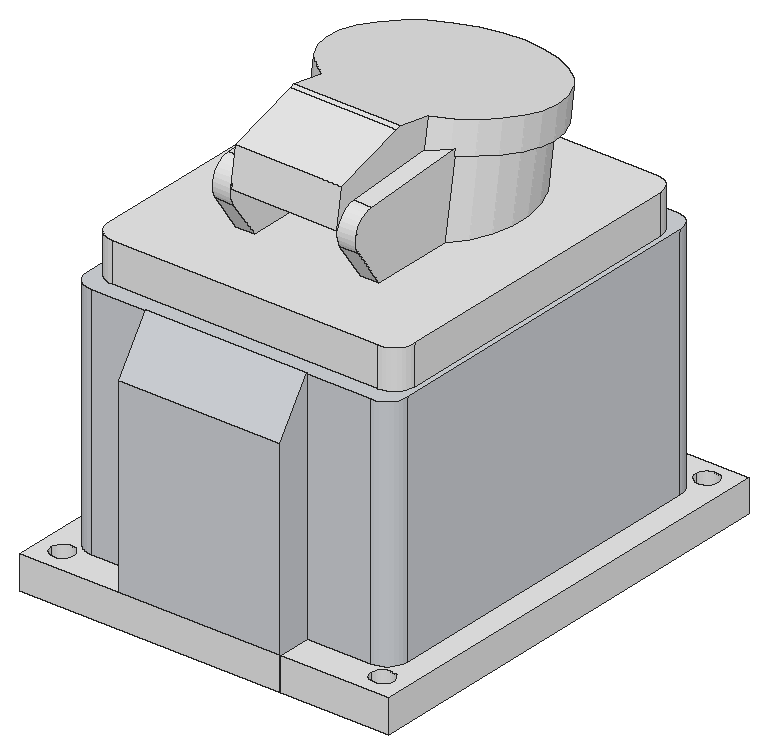
Revit family "Building-IEC309Connections-GEWISS-IEC309BTS-10°_SURF-MOUNT_SOCKET_20-25V_IP44", category Apparecchi elettrici, host Superficie, Revit 2019
Family settings
  Host = Superficie
  Mantenere orientamento annotazione = Sì
  Quota connettore circolare = Usa diametro
  Tipo di parte = Normale
  Taglio con vuoti quando caricato = No
  Condiviso = Sì
  Punto di calcolo locali = Sì
Parameters (values of type "GW62473 - IP44 10°W.RECEPTACLE 2P 32A CC 10H")
  simbolo acceso [instance] = yes
  distanza_simbolo [instance] = 1 mm
  distanza dal piano [instance] = 0 mm
  W = 115 mm  # constant formula
  Version file RFA = "21.11"
  URL = "https://www.gewiss.com/ww/en"
  Typology = "10° angled surface-mounting socket-outlet"
  Type of wiring = "With screw"
  Total number of operations = "-2000"
  Thermo-pressure with ball = "125 °C (active parts) - 80 °C (passive parts)"
  Terminal tightening capacity = "2.5-6mm² flexible cables - 2.5-10mm² rigid cables"
  Technical sheet = "https://www.gewiss.com/ww/en/search?q=GW62473"
  Spostamento_effettivo_S [instance] = 4000 mm - Spostamento_S  # 3045 mm
  Spostamento_S = 955 mm
  Sportello_visibile = yes
  Shock resistance = "IK08"
  SPinotto = Default(2)
  SEO = "Socket outlet"
  Reference h: = "10"
  Realized by GEWISS S.p.A. = ""
  Rated voltage: = "20-25V and 40-50 V"
  Rated current (A) = "32"
  Prospetto di default = 500 mm
  Produttore = "GEWISS S.p.A."
  Piastra = Default(2)
  Permissible overload = "42A"
  Operating temperature: = "-25 +40 °C"
  No. of poles = "2P"
  Model = "GW62473"
  L = 155 mm  # constant formula
  Insulation resistance = "- 10 M?"
  Immagine tipo = (empty or 0)
  IP degree = "IP44"
  IDT = "985099ec4f384df9a4f1881abc1748ff"
  IDF = "e79ba3c3-8da5-485c-af05-0b86c567b159"
  Glow wire test: = "850 °C (active parts) - 650 °C (passive parts)"
  Frequency = "d.c."
  FORMULA = 1000 mm * 1  # 1000 mm
  Electrocod = "2210"
  Description = "IP44 10°W.RECEPTACLE 2P 32A CC 10H"
  Corpo centrale = Default(2)
  Colour: = "White"
  Catalogue = "BUILDING"
  COBie.Tagnumber = ""
  COBie.CreatedOn = ""
  COBie.CreatebBy = ""
  COBie.ComponentRegisterItemID = ""
  COBie.Component.TagNumber = ""
  COBie.Component.Space = ""
  COBie.Component.SerialNumber = ""
  COBie.Component.InstallationDate = ""
  COBie.Component.Description = ""
  COBie.Component.BarCode = ""
  Breaking capacity at 1.1 Un = "40A"
  BLOCCO = "B=C"
Types (18, lengths in mm): name | Total number of operations | Terminal tightening capacity | Technical sheet | Reference h: | Rated voltage: | Rated current (A) | Permissible overload | No. of poles | Model | IDT | Frequency | Description | Colour: | Breaking capacity at 1.1 Un
  GW62456 - IP44 10°W.RECEPTACLE 2P 16A 24V N.R. | "-5000" | "1-2.5mm² flexible cables - 1.5-4mm² rigid cables" | "https://www.gewiss.com/ww/en/search?q=GW62456" | "-" | "20-25 V" | "16" | "22A" | "2P" | "GW62456" | "7d5b684547bb4727a0f3d0db4403fed9" | "50 - 60 Hz" | "IP44 10°W.RECEPTACLE 2P 16A 24V N.R." | "Violet" | "20A"
  GW62457 - IP44 10°W.RECEPTACLE 3P 16A 24V N.R. | "-5000" | "1-2.5mm² flexible cables - 1.5-4mm² rigid cables" | "https://www.gewiss.com/ww/en/search?q=GW62457" | "-" | "20-25 V" | "16" | "22A" | "3P" | "GW62457" | "90e39cc7aded4eb68d03abe1b1d09188" | "50 - 60 Hz" | "IP44 10°W.RECEPTACLE 3P 16A 24V N.R." | "Violet" | "20A"
  GW62458 - IP44 10°W.RECEPTACLE 2P 16A 42V 12H | "-5000" | "1-2.5mm² flexible cables - 1.5-4mm² rigid cables" | "https://www.gewiss.com/ww/en/search?q=GW62458" | "12" | "40-50 V" | "16" | "22A" | "2P" | "GW62458" | "8cccc5702d0c4115af7b15245a22a2b2" | "50 - 60 Hz" | "IP44 10°W.RECEPTACLE 2P 16A 42V 12H" | "White" | "20A"
  GW62459 - IP44 10°W.RECEPTACLE 3P 16A 42V 12H | "-5000" | "1-2.5mm² flexible cables - 1.5-4mm² rigid cables" | "https://www.gewiss.com/ww/en/search?q=GW62459" | "12" | "40-50 V" | "16" | "22A" | "3P" | "GW62459" | "ca0d0b1bb092479180f9ab97bb2fcedb" | "50 - 60 Hz" | "IP44 10°W.RECEPTACLE 3P 16A 42V 12H" | "White" | "20A"
  GW62460 - IP44 10°W.RECEPTACLE 2P 16A 24/42V 4H | "-5000" | "1-2.5mm² flexible cables - 1.5-4mm² rigid cables" | "https://www.gewiss.com/ww/en/search?q=GW62460" | "4" | "20-25V and 40-50 V" | "16" | "22A" | "2P" | "GW62460" | "34971d4872e342d8b9deecafd093ac5d" | "100 - 200 Hz" | "IP44 10°W.RECEPTACLE 2P 16A 24/42V 4H" | "Green" | "20A"
  GW62461 - IP44 10°W.RECEPTACLE 3P 16A 24/42V 4H | "-5000" | "1-2.5mm² flexible cables - 1.5-4mm² rigid cables" | "https://www.gewiss.com/ww/en/search?q=GW62461" | "4" | "20-25V and 40-50 V" | "16" | "22A" | "3P" | "GW62461" | "5e295d5d64e24095b380a3490871b562" | "100 - 200 Hz" | "IP44 10°W.RECEPTACLE 3P 16A 24/42V 4H" | "Green" | "20A"
  GW62462 - IP44 10°W.RECEPTACLE 2P 16A 24/42V 11H | "-5000" | "1-2.5mm² flexible cables - 1.5-4mm² rigid cables" | "https://www.gewiss.com/ww/en/search?q=GW62462" | "11" | "20-25V and 40-50 V" | "16" | "22A" | "2P" | "GW62462" | "2dd16fd37efb461bb407df73c0079121" | "401 - 500 Hz" | "IP44 10°W.RECEPTACLE 2P 16A 24/42V 11H" | "Green" | "20A"
  GW62463 - IP44 10°W.RECEPTACLE 3P 16A 24/42V 11H | "-5000" | "1-2.5mm² flexible cables - 1.5-4mm² rigid cables" | "https://www.gewiss.com/ww/en/search?q=GW62463" | "11" | "20-25V and 40-50 V" | "16" | "22A" | "3P" | "GW62463" | "6d89f80d4bf54053b553a56c70c2c79a" | "401 - 500 Hz" | "IP44 10°W.RECEPTACLE 3P 16A 24/42V 11H" | "Green" | "20A"
  GW62464 - IP44 10°W.RECEPTACLE 2P 16A CC 10H | "-5000" | "1-2.5mm² flexible cables - 1.5-4mm² rigid cables" | "https://www.gewiss.com/ww/en/search?q=GW62464" | "10" | "20-25V and 40-50 V" | "16" | "22A" | "2P" | "GW62464" | "1f9e7aa408e640b09a9436fff713b919" | "d.c." | "IP44 10°W.RECEPTACLE 2P 16A CC 10H" | "White" | "20A"
  GW62465 - IP44 10°W.RECEPTACLE 2P 32A 24V N.R. | "-2000" | "2.5-6mm² flexible cables - 2.5-10mm² rigid cables" | "https://www.gewiss.com/ww/en/search?q=GW62465" | "-" | "20-25 V" | "32" | "42A" | "2P" | "GW62465" | "de5450c8a9c944f1b39d7c1e5af0d4ad" | "50 - 60 Hz" | "IP44 10°W.RECEPTACLE 2P 32A 24V N.R." | "Violet" | "40A"
  GW62466 - IP44 10°W.RECEPTACLE 3P 32A 24V N.R. | "-2000" | "2.5-6mm² flexible cables - 2.5-10mm² rigid cables" | "https://www.gewiss.com/ww/en/search?q=GW62466" | "-" | "20-25 V" | "32" | "42A" | "3P" | "GW62466" | "be90706e0c7346e98c94ad55b190a89e" | "50 - 60 Hz" | "IP44 10°W.RECEPTACLE 3P 32A 24V N.R." | "Violet" | "40A"
  GW62467 - IP44 10°W.RECEPTACLE 2P 32A 42V 12H | "-2000" | "2.5-6mm² flexible cables - 2.5-10mm² rigid cables" | "https://www.gewiss.com/ww/en/search?q=GW62467" | "12" | "40-50 V" | "32" | "42A" | "2P" | "GW62467" | "8f6b7defcd074103b28d388e0e7ca2bf" | "50 - 60 Hz" | "IP44 10°W.RECEPTACLE 2P 32A 42V 12H" | "White" | "40A"
  GW62468 - IP44 10°W.RECEPTACLE 3P 32A 42V 12H | "-2000" | "2.5-6mm² flexible cables - 2.5-10mm² rigid cables" | "https://www.gewiss.com/ww/en/search?q=GW62468" | "12" | "40-50 V" | "32" | "42A" | "3P" | "GW62468" | "8df6787f81b94943b6d91644d91883b0" | "50 - 60 Hz" | "IP44 10°W.RECEPTACLE 3P 32A 42V 12H" | "White" | "40A"
  GW62469 - IP44 10°W.RECEPTACLE 2P 32A 24/42V4H | "-2000" | "2.5-6mm² flexible cables - 2.5-10mm² rigid cables" | "https://www.gewiss.com/ww/en/search?q=GW62469" | "4" | "20-25V and 40-50 V" | "32" | "42A" | "2P" | "GW62469" | "03059986b6b248abb18bcdca87522a76" | "100 - 200 Hz" | "IP44 10°W.RECEPTACLE 2P 32A 24/42V4H" | "Green" | "40A"
  GW62470 - IP44 10°W.RECEPTACLE 3P 32A 24/42V4H | "-2000" | "2.5-6mm² flexible cables - 2.5-10mm² rigid cables" | "https://www.gewiss.com/ww/en/search?q=GW62470" | "4" | "20-25V and 40-50 V" | "32" | "42A" | "3P" | "GW62470" | "e38e93ea567148418ca9a85073c499b1" | "100 - 200 Hz" | "IP44 10°W.RECEPTACLE 3P 32A 24/42V4H" | "Green" | "40A"
  GW62471 - IP44 10°W.RECEPTACLE 2P 32A 24/42V 11H | "-2000" | "2.5-6mm² flexible cables - 2.5-10mm² rigid cables" | "https://www.gewiss.com/ww/en/search?q=GW62471" | "11" | "20-25V and 40-50 V" | "32" | "42A" | "2P" | "GW62471" | "08eaefc1a4694532818f0be07bb15b4a" | "401 - 500 Hz" | "IP44 10°W.RECEPTACLE 2P 32A 24/42V 11H" | "Green" | "40A"
  GW62472 - IP44 10°W.RECEPTACLE 3P 32A 24/42V 11H | "-2000" | "2.5-6mm² flexible cables - 2.5-10mm² rigid cables" | "https://www.gewiss.com/ww/en/search?q=GW62472" | "11" | "20-25V and 40-50 V" | "32" | "42A" | "3P" | "GW62472" | "00f4bd4a7f94404f990660d015841564" | "401 - 500 Hz" | "IP44 10°W.RECEPTACLE 3P 32A 24/42V 11H" | "Green" | "40A"
  GW62473 - IP44 10°W.RECEPTACLE 2P 32A CC 10H | "-2000" | "2.5-6mm² flexible cables - 2.5-10mm² rigid cables" | "https://www.gewiss.com/ww/en/search?q=GW62473" | "10" | "20-25V and 40-50 V" | "32" | "42A" | "2P" | "GW62473" | "985099ec4f384df9a4f1881abc1748ff" | "d.c." | "IP44 10°W.RECEPTACLE 2P 32A CC 10H" | "White" | "40A"
Reference planes
  plane 1 "Centro (Fronte/Retro)": y = 0
  plane 2: z = 0
  plane 3 "Centro (Sinistra/Destra)": x = 0
  plane 4: x = -3000
  plane 5: x = 45
  plane 6: z = 0
Dimensions and locks
  plane 4 to plane 3 "Centro (Sinistra/Destra)" = 3000 mm
  "Spostamento_effettivo_S": plane 4 to plane 5
  "distanza dal piano": plane 6 to plane 2
  aligned and locked: plane 2 to host face
  aligned and locked: level to host face
  aligned and locked: plane 3 "Centro (Sinistra/Destra)" to nested 1
  aligned and locked: plane 1 "Centro (Fronte/Retro)" to nested 1
  aligned and locked: nested 2 to plane 5
Automatic sketch dimensions
  host sketch curve to host sketch curve = 2438.4 mm  (x2)
Nested families
  nested 1: "IEC309 PRESE FISSE INCASSO 10' 125A IP66-67_BASE" at (0, 0, 0), type "IEC309 PRESE FISSE INCASSO 10' 125A IP66-67_BASE"
  nested 2: "GWGW62201FH - SIMBOLO_PRESA" at (45, 171.559, 0), visible <- "simbolo acceso", Distanza dal muro <- "distanza_simbolo", type "3P"
    with SIMBOLO ACCESO yes, Distanza dal muro 1 mm
  nested 3: "dett_PRESA" at (0, 0, 0), type "dett_PRESA"
Connectors
  electrical at (37.5, 30, 0)
    settings: on nested 1, index 1, voltage 0 V, apparent load 0 VA, apparent load phase1 0 VA, apparent load phase2 0 VA, apparent load phase3 0 VA, power factor 1, load classification "Altro", number of poles 1, system type 31, power factor state 1, is connector primary yes, connector utility no, sub classification motor no, connector description ""
Definition of nested family "IEC309 PRESE FISSE INCASSO 10' 125A IP66-67_BASE"
  Parameters (values of type "IEC309 PRESE FISSE INCASSO 10' 125A IP66-67_BASE")
    sp_ghiera = 16 mm
    r2 = 39 mm
    h = 110 mm  # constant formula
    dis_base = 71 mm
    Sportello = yes
    Spinotto = none
    R1 = 42 mm
    PIASTRA = none
    Lunghezza totale = 140 mm
    CENTRALE = none
    Bsae = 90 mm  # constant formula
  Reference planes
    plane 1 "Centro (Fronte/Retro)": y = 0
    plane 2: z = 0
    plane 3 "Centro (Sinistra/Destra)": x = 0
    plane 4: x = 90
    plane 5: y = 110
    plane 6: x = 45
    plane 7: y = 104.875
    plane 8: y = 5.75
    plane 9: x = 5.75
    plane 10: x = 84
    plane 11: z = 8
    plane 12: y = 101.673
    plane 13: y = 8.334
    plane 14: z = 66
    plane 15: x = 7.498
    plane 16: y = 97.488
    plane 17: x = 82.498
    plane 18: y = 12.508
    plane 19: z = 75.463
    plane 20: x = 27.511
    plane 21: x = 32.023
    plane 22: x = 62.489
    plane 23: x = 57.977
  Forms (mm)
    Extrusion 1, solid, material <- "PIASTRA"
      sketch origin (0, 0, 0) x (1, 0, 0) y (0, 1, 0)
        loop
          line (0, 110) -> (0, 0) -> (90, 0) -> (90, 110) -> (0, 110)
      from 0 to 8
    Extrusion 2, void
      sketch origin (0, 0, 0) x (1, 0, 0) y (0, 1, 0)
        loop
          circle (5.75, 104.875) r 2.8
        loop
          circle (84, 104.875) r 2.8
        loop
          circle (5.75, 5.75) r 2.8
        loop
          circle (84, 5.75) r 2.8
      from 0 to 8
    Extrusion 3, solid
      sketch origin (0, 0, 0) x (1, 0, 0) y (0, 1, 0)
        loop
          line (5.75, 96.673) -> (5.75, 13.334)
          arc (5.75, 13.334) -> (7.214, 9.799) -> (10.75, 8.334) r 5
          line (10.75, 8.334) -> (79, 8.334)
          arc (79, 8.334) -> (82.536, 9.799) -> (84, 13.334) r 5
          line (84, 13.334) -> (84, 96.673)
          arc (84, 96.673) -> (82.536, 100.208) -> (79, 101.673) r 5
          line (79, 101.673) -> (10.75, 101.673)
          arc (10.75, 101.673) -> (7.214, 100.208) -> (5.75, 96.673) r 5
      from 8 to 66
    Extrusion 4, solid, material <- "PIASTRA"
      sketch origin (0, 0, 0) x (1, 0, 0) y (0, 1, 0)
        loop
          arc (12.498, 97.488) -> (8.962, 96.024) -> (7.498, 92.488) r 5
          line (7.498, 92.488) -> (7.498, 17.508)
          arc (7.498, 17.508) -> (8.962, 13.972) -> (12.498, 12.508) r 5
          line (12.498, 12.508) -> (77.498, 12.508)
          arc (77.498, 12.508) -> (81.033, 13.972) -> (82.498, 17.508) r 5
          line (82.498, 17.508) -> (82.498, 92.488)
          arc (82.498, 92.488) -> (81.033, 96.024) -> (77.498, 97.488) r 5
          line (77.498, 97.488) -> (12.498, 97.488)
      from 66 to 75.463
    Extrusion 5, solid
      sketch origin (0, 0, 0) x (0, 1, 0) y (0, 0, 1)
        loop
          line (0, 0) -> (8.334, 0) -> (8.334, 66.241) -> (0, 54.405) -> (0, 0)
      from 24.059 to 63.428
    Extrusion 6, solid
      sketch origin (0, 110, 0) x (0, -1, 0) y (0, 0, -1)
        loop
          line (0, 0) -> (0, -54.405) -> (8.334, -66.241) -> (8.334, 0) -> (0, 0)
      from 24.059 to 63.428
    Sweep 7, solid, material <- "PIASTRA"
      path origin (0, 0, 0) x (0, 1, 0) y (0, 0, 1)
        loop
          line (73.263, 97.736) -> (71.948, 90.281)
      profile origin (0, 72.606, 94.008) x (0, 0.984808, -0.173648) y (1, 0, 0)
        loop
          circle (0, 45) r 25
    Extrusion 8, solid, material <- "PIASTRA"
      sketch origin (0, 0, 0) x (0, 1, 0) y (0, 0, 1)
        loop
          line (25.806, 97.501) -> (24.369, 88.419)
          arc (24.369, 88.419) -> (26.054, 91.556) -> (29.326, 92.962) r 5.4
          line (29.326, 92.962) -> (51.956, 94.556) -> (53.142, 101.284) -> (43.676, 102.953)
          arc (43.676, 102.953) -> (43.104, 102.789) -> (42.534, 102.618) r 55
          line (42.534, 102.618) -> (25.806, 97.501)
      from 32.023 to 57.977
    Extrusion 9, solid, material <- "PIASTRA"
      sketch origin (0, 0, 0) x (0, 1, 0) y (0, 0, 1)
        loop
          line (55.25, 94.789) -> (29.326, 92.962)
          arc (29.326, 92.962) -> (24.829, 89.9) -> (25.28, 84.478) r 5.4
          line (25.28, 84.478) -> (31.592, 75.463) -> (51.843, 75.463) -> (55.25, 94.789)
      from 27.511 to 32.023
    Sweep 10, solid, material <- "PIASTRA"
      path origin (0, -2.627, 0.463) x (0, 1, 0) y (0, 0, 1)
        loop
          line (72.741, 90.141) -> (68.824, 67.926)
      profile origin (0, 68.156, 79.497) x (0, 0.984808, -0.173648) y (1, 0, 0)
        loop
          circle (0, 45) r 23.5
    Extrusion 11, solid, material <- "PIASTRA"
      sketch origin (90, 0, 0) x (0, 1, 0) y (0, 0, -1)
        loop
          line (55.25, -94.789) -> (51.843, -75.463) -> (31.592, -75.463) -> (25.28, -84.478)
          arc (25.28, -84.478) -> (24.829, -89.9) -> (29.326, -92.962) r 5.4
          line (29.326, -92.962) -> (55.25, -94.789)
      from 27.511 to 32.023
  Cuts and joins
    Extrusion 2 cuts Extrusion 1
    joined: Extrusion 4, Sweep 7, Extrusion 8, Extrusion 9, Sweep 10, Extrusion 11
  Dimensions and locks
    plane 3 "Centro (Sinistra/Destra)" to plane 4 = 90 mm
    plane 1 "Centro (Fronte/Retro)" to plane 5 = 110 mm
    equal spacing: plane 3 "Centro (Sinistra/Destra)", plane 6, plane 4
    locked: plane 3 "Centro (Sinistra/Destra)" to plane 9 at 5.75
    locked: plane 10 to plane 4 at 6
    locked: plane 1 "Centro (Fronte/Retro)" to plane 8 at 5.75
    locked: plane 5 to plane 7 at 5.125
    locked: plane 11 to level at 8
    "Bsae": plane 3 "Centro (Sinistra/Destra)" to plane 4
    "h": plane 1 "Centro (Fronte/Retro)" to plane 5
    locked: plane 12 to plane 7 at 3.202
    locked: plane 8 to plane 13 at 2.584
    locked: plane 14 to plane 11 at 58
    diameter of cut or joined group of Extrusion 1, Extrusion 2 = 5.6 mm
    radius of Extrusion 3 sketch curve = 5 mm  (x3)
    radius of Extrusion 4 sketch curve = 5 mm  (x3)
    radius of Sweep 10 sketch curve = 23.5 mm
    aligned and locked: level to plane 2
    aligned and locked: Extrusion 1 sketch curve to plane 3 "Centro (Sinistra/Destra)"
    aligned and locked: Extrusion 1 sketch curve to plane 5
    aligned and locked: Extrusion 1 sketch curve to plane 4
    aligned and locked: Extrusion 1 sketch curve to plane 1 "Centro (Fronte/Retro)"
    aligned and locked: plane 11 to Extrusion 1
    aligned and locked: plane 9 to Extrusion 2 sketch curve  (x2)
    aligned and locked: plane 7 to Extrusion 2 sketch curve  (x2)
    aligned and locked: plane 10 to Extrusion 2 sketch curve  (x2)
    aligned and locked: plane 8 to Extrusion 2 sketch curve  (x2)
    aligned and locked: cut or joined group of Extrusion 1, Extrusion 2 to level
    aligned and locked: Extrusion 1 to Extrusion 2
    aligned and locked: Extrusion 3 sketch curve to plane 9
    aligned and locked: Extrusion 3 sketch curve to plane 10
    aligned and locked: Extrusion 3 sketch curve to plane 13
    aligned and locked: plane 12 to Extrusion 3 sketch curve
    aligned and locked: plane 14 to Extrusion 3
    aligned and locked: Extrusion 3 to plane 11
    aligned and locked: Extrusion 4 sketch curve to plane 16
    aligned and locked: Extrusion 4 sketch curve to plane 15
    aligned and locked: Extrusion 4 sketch curve to plane 17
    aligned and locked: Extrusion 4 sketch curve to plane 18
    aligned and locked: Extrusion 4 to plane 14
    aligned and locked: Extrusion 5 sketch curve to plane 1 "Centro (Fronte/Retro)"
    aligned and locked: Extrusion 5 sketch curve to plane 13
    aligned and locked: Extrusion 4 to plane 19
    aligned and locked: plane 6 to Sweep 7 sketch curve
    aligned and locked: Extrusion 9 sketch curve to plane 19
    aligned and locked: Extrusion 9 to plane 20
    aligned and locked: plane 21 to Extrusion 9
    aligned and locked: plane 6 to Sweep 10 sketch curve
    aligned and locked: cut or joined group of Extrusion 4, Sweep 7, Extrusion 8, Extrusion 9, Sweep 10, Extrusion 11 to plane 23
    aligned and locked: Extrusion 11 to plane 23
    aligned and locked: Extrusion 11 to plane 22
  Automatic sketch dimensions
    plane 15 to Extrusion 3 sketch curve = 3.252 mm
    plane 15 to Extrusion 4 sketch curve = 5 mm
    Extrusion 5 sketch curve to level = 0 mm
    Extrusion 5 sketch curve to plane 14 = 11.595 mm
    plane 14 to Extrusion 5 sketch curve = 0.241 mm
    Extrusion 6 sketch curve to plane 5 = 0 mm
    Extrusion 6 sketch curve to level = 0 mm
    Extrusion 6 sketch curve to plane 12 = 0.007 mm
    plane 14 to Extrusion 6 sketch curve = 11.595 mm
    Extrusion 6 sketch curve to plane 14 = 0.241 mm
    Sweep 7 sketch curve to plane 16 = 25.54 mm
    Sweep 7 sketch curve to plane 19 = 14.817 mm
    Sweep 7 sketch curve to Sweep 7 sketch curve = 1.315 mm
    Sweep 7 sketch curve to Sweep 7 sketch curve = 7.456 mm
    Sweep 7 sketch curve to profile plane = 0 mm
    Extrusion 8 sketch curve to plane 18 = 13.298 mm
    Extrusion 8 sketch curve to Extrusion 8 sketch curve = 3.521 mm
    Extrusion 8 sketch curve to Extrusion 8 sketch curve = 0.377 mm
    Extrusion 8 sketch curve to Extrusion 8 sketch curve = 14.349 mm
    Extrusion 8 sketch curve to plane 19 = 19.093 mm
    Extrusion 8 sketch curve to Extrusion 8 sketch curve = 8.28 mm
    Extrusion 8 sketch curve to Extrusion 8 sketch curve = 1.186 mm
    Extrusion 8 sketch curve to plane 14 = 15.977 mm
    Extrusion 8 sketch curve to plane 16 = 38.866 mm
    Extrusion 8 sketch curve to plane 19 = 12.112 mm
    Extrusion 8 sketch curve to Extrusion 8 sketch curve = 5.387 mm
    Extrusion 8 sketch curve to Extrusion 8 sketch curve = 4.539 mm
    Extrusion 8 sketch curve to Extrusion 8 sketch curve = 6.728 mm
    Extrusion 8 sketch curve to Extrusion 8 sketch curve = 1.669 mm
    Extrusion 8 sketch curve to Extrusion 8 sketch curve = 5.334 mm
    Extrusion 8 sketch curve to Extrusion 8 sketch curve = 0 mm  (x4)
    Extrusion 8 sketch curve to Extrusion 8 sketch curve = 1.142 mm
    Extrusion 9 sketch curve to plane 18 = 12.772 mm
    Extrusion 9 sketch curve to Extrusion 9 sketch curve = 4.047 mm
    Extrusion 9 sketch curve to Extrusion 9 sketch curve = 0.377 mm
    Extrusion 9 sketch curve to Extrusion 9 sketch curve = 6.312 mm
    Extrusion 9 sketch curve to Extrusion 9 sketch curve = 20.251 mm
    Extrusion 9 sketch curve to Extrusion 9 sketch curve = 25.924 mm
    Extrusion 9 sketch curve to plane 19 = 9.015 mm
    Extrusion 9 sketch curve to Extrusion 9 sketch curve = 3.097 mm
    Extrusion 9 sketch curve to Extrusion 9 sketch curve = 1.826 mm
    plane 14 to Sweep 10 sketch curve = 2.39 mm
    Sweep 10 sketch curve to plane 16 = 31.291 mm
    Sweep 10 sketch curve to Sweep 10 sketch curve = 3.917 mm
    Sweep 10 sketch curve to plane 19 = 15.141 mm
    Sweep 10 sketch curve to profile plane = 0 mm
    plane 19 to Extrusion 11 sketch curve = 0 mm
    Extrusion 11 sketch curve to plane 18 = 12.772 mm
    Extrusion 11 sketch curve to Extrusion 11 sketch curve = 4.047 mm
    Extrusion 11 sketch curve to Extrusion 11 sketch curve = 4.423 mm
    Extrusion 11 sketch curve to Extrusion 11 sketch curve = 6.312 mm
    Extrusion 11 sketch curve to Extrusion 11 sketch curve = 20.251 mm
    Extrusion 11 sketch curve to Extrusion 11 sketch curve = 25.924 mm
    Extrusion 11 sketch curve to plane 19 = 9.015 mm
    Extrusion 11 sketch curve to Extrusion 11 sketch curve = 3.097 mm
    Extrusion 11 sketch curve to Extrusion 11 sketch curve = 1.826 mm
    radius of Extrusion 2 sketch curve = 2.8 mm  (x4)
    radius of Sweep 7 sketch curve = 25 mm
Definition of nested family "GWGW62201FH - SIMBOLO_PRESA"
  Parameters (values of type "3P")
    SIMBOLO ACCESO [instance] = yes
    Distanza dal muro [instance] = 0 mm
  Reference planes
    plane 1: y = 0
    plane 2: x = 0
  Dimensions and locks
    "Distanza dal muro": plane 1 to nested 1
    aligned and locked: plane 2 to nested 1
  Nested families
    nested 1: "GWGW62201FH - SIMBOLO" at (0, 0, 0), visible <- "SIMBOLO ACCESO", type "3P"
  Definition of nested family "GWGW62201FH - SIMBOLO"
    Parameters (values of type "3P")
      CORNICE SIMBOLO [instance] = yes
      3P = yes
    Reference planes
      plane 1: y = 0
      plane 2: x = 0
    Lines and regions (mm)
      detail lines
        curve 1: circle (-0.314, 0.674, 0) r 0.057 normal (0, 0, 1)
        curve 2: arc (0.346, -0.009, 0) -> (0, 0.337, 0) -> (-0.346, -0.009, 0) r 0.346
        curve 3: line (0, 0.337, 0) -> (0.346, 0.337, 0)
        curve 4: line (0, 3.386, 0) -> (0, 0.337, 0)
        curve 5: line (0, 0.337, 0) -> (-0.314, 0.674, 0)
Definition of nested family "dett_PRESA"
  Reference planes
    plane 1 "Centro (Fronte/Retro)": y = 0
    plane 2: z = 0
    plane 3 "Centro (Sinistra/Destra)": x = 0
  Lines and regions (mm)
    model lines, in view "Livello rif."
      curve 1: arc (61.498, 61.665, 0) -> (44.998, 67.722, 0) -> (28.498, 61.665, 0) r 25.502
      curve 2: spline (28.472, 62.844, 0) -> (27.012, 61.491, 0) -> (25.665, 60.027, 0) -> (24.441, 58.464, 0) -> (23.348, 56.809, 0) -> (22.391, 55.074, 0) -> (21.577, 53.269, 0) -> (20.912, 51.407, 0) -> (20.399, 49.498, 0) -> (20.042, 47.555, 0) -> (19.843, 45.59, 0) -> (19.803, 43.616, 0) -> (19.922, 41.645, 0)
      curve 3: spline (70.073, 41.643, 0) -> (70.193, 43.614, 0) -> (70.153, 45.589, 0) -> (69.954, 47.554, 0) -> (69.596, 49.497, 0) -> (69.084, 51.405, 0) -> (68.418, 53.268, 0) -> (67.605, 55.073, 0) -> (66.648, 56.808, 0) -> (65.554, 58.463, 0) -> (64.33, 60.027, 0) -> (62.984, 61.49, 0) -> (61.524, 62.844, 0)
      curve 4: spline (29.494, 84.757, 0) -> (29.364, 84.748, 0) -> (29.236, 84.722, 0) -> (29.112, 84.679, 0) -> (28.995, 84.62, 0) -> (28.887, 84.546, 0) -> (28.789, 84.458, 0) -> (28.703, 84.357, 0) -> (28.631, 84.246, 0) -> (28.573, 84.126, 0) -> (28.531, 83.999, 0) -> (28.506, 83.868, 0) -> (28.498, 83.735, 0)
      curve 5: line (28.876, 69.625, 0) -> (28.587, 69.709, 0)
      curve 6: line (28.979, 69.618, 0) -> (28.587, 69.709, 0)
      curve 7: line (61.018, 69.624, 0) -> (28.979, 69.618, 0)
      curve 8: line (61.121, 69.63, 0) -> (61.409, 69.714, 0)
      curve 9: line (61.018, 69.624, 0) -> (61.409, 69.714, 0)
      curve 10: spline (61.498, 83.735, 0) -> (61.489, 83.868, 0) -> (61.464, 84, 0) -> (61.422, 84.126, 0) -> (61.364, 84.246, 0) -> (61.292, 84.357, 0) -> (61.206, 84.458, 0) -> (61.108, 84.546, 0) -> (60.999, 84.62, 0) -> (60.882, 84.679, 0) -> (60.759, 84.722, 0) -> (60.631, 84.748, 0) -> (60.501, 84.757, 0)
      curve 11: spline (64.653, 42.492, 0) -> (63.983, 47.502, 0) -> (62.019, 52.17, 0) -> (58.896, 56.179, 0) -> (54.825, 59.255, 0) -> (50.085, 61.189, 0) -> (44.998, 61.849, 0) -> (39.91, 61.189, 0) -> (35.17, 59.255, 0) -> (31.099, 56.179, 0) -> (27.976, 52.17, 0) -> (26.012, 47.502, 0) -> (25.342, 42.492, 0) -> (26.012, 37.482, 0) -> (27.976, 32.814, 0) -> (31.099, 28.805, 0) -> (35.17, 25.729, 0) -> (39.91, 23.795, 0) -> (44.998, 23.136, 0) -> (50.085, 23.795, 0) -> (54.825, 25.729, 0) -> (58.896, 28.805, 0) -> (62.019, 32.814, 0) -> (63.983, 37.482, 0) -> (64.653, 42.492, 0)
      curve 12: arc (20.049, 40.392, 0) -> (21.05, 35.597, 0) -> (22.987, 31.099, 0) r 24.445
      curve 13: arc (22.986, 31.098, 0) -> (25.45, 27.464, 0) -> (28.516, 24.321, 0) r 24.781
      curve 14: arc (28.639, 24.166, 0) -> (28.807, 23.841, 0) -> (28.981, 23.52, 0) r 16.754
      curve 15: line (61.015, 23.522, 0) -> (28.981, 23.52, 0)
      curve 16: arc (61.015, 23.522, 0) -> (61.191, 23.845, 0) -> (61.359, 24.172, 0) r 16.754
      curve 17: arc (61.476, 24.318, 0) -> (61.411, 24.251, 0) -> (61.359, 24.172, 0) r 0.504
      curve 18: spline (61.476, 24.318, 0) -> (62.628, 25.372, 0) -> (63.712, 26.495, 0) -> (64.721, 27.682, 0) -> (65.653, 28.929, 0) -> (66.505, 30.232, 0) -> (67.271, 31.584, 0) -> (67.95, 32.981, 0) -> (68.539, 34.418, 0) -> (69.035, 35.887, 0) -> (69.437, 37.385, 0) -> (69.743, 38.904, 0) -> (69.951, 40.44, 0)
      curve 19: arc (28.17, 65.632, 0) -> (28.412, 65.967, 0) -> (28.498, 66.372, 0) r 0.999
      curve 20: spline (28.17, 65.632, 0) -> (26.951, 64.427, 0) -> (25.816, 63.141, 0) -> (24.77, 61.779, 0) -> (23.817, 60.348, 0) -> (22.963, 58.854, 0) -> (22.21, 57.304, 0) -> (21.564, 55.706, 0) -> (21.025, 54.067, 0) -> (20.598, 52.394, 0) -> (20.284, 50.695, 0) -> (20.085, 48.978, 0) -> (20.001, 47.252, 0)
      curve 21: spline (69.995, 47.252, 0) -> (69.91, 48.98, 0) -> (69.71, 50.698, 0) -> (69.396, 52.398, 0) -> (68.968, 54.072, 0) -> (68.429, 55.713, 0) -> (67.781, 57.312, 0) -> (67.028, 58.862, 0) -> (66.172, 60.357, 0) -> (65.218, 61.789, 0) -> (64.171, 63.152, 0) -> (63.034, 64.438, 0) -> (61.813, 65.643, 0)
      curve 22: arc (61.498, 66.372, 0) -> (61.58, 65.975, 0) -> (61.813, 65.643, 0) r 0.999
      curve 23: line (61.498, 61.665, 0) -> (61.498, 68.351, 0)
      curve 24: line (61.498, 68.351, 0) -> (61.498, 80.428, 0)
      curve 25: line (61.498, 80.276, 0) -> (61.498, 80.569, 0)
      curve 26: line (61.498, 80.569, 0) -> (61.498, 80.795, 0)
      curve 27: line (28.498, 83.735, 0) -> (28.498, 68.351, 0)
      curve 28: line (28.498, 68.351, 0) -> (28.498, 61.665, 0)
      curve 29: line (29.494, 84.757, 0) -> (32.148, 84.757, 0)
      curve 30: line (32.148, 84.757, 0) -> (32.657, 84.757, 0)
      curve 31: line (32.657, 84.757, 0) -> (57.339, 84.757, 0)
      curve 32: line (57.339, 84.757, 0) -> (57.848, 84.757, 0)
      curve 33: line (57.848, 84.757, 0) -> (60.501, 84.757, 0)
      curve 34: line (61.498, 82.213, 0) -> (61.498, 82.398, 0)
      curve 35: line (61.498, 82.398, 0) -> (61.498, 82.213, 0)
      curve 36: line (61.498, 82.213, 0) -> (61.498, 81.899, 0)
      curve 37: line (61.498, 81.899, 0) -> (61.498, 81.627, 0)
      curve 38: line (61.498, 81.476, 0) -> (61.498, 81.192, 0)
      curve 39: line (61.498, 81.192, 0) -> (61.498, 80.975, 0)
      curve 40: line (61.498, 80.975, 0) -> (61.498, 80.697, 0)
      curve 41: line (61.498, 80.657, 0) -> (61.498, 83.228, 0)
      curve 42: line (61.498, 83.228, 0) -> (61.498, 83.735, 0)
      curve 43: line (20.049, 40.392, 0) -> (19.922, 41.645, 0)
      curve 44: line (61.498, 81.281, 0) -> (61.498, 81.108, 0)
      curve 45: arc (74.574, 12.532, 0) -> (80.179, 14.903, 0) -> (82.494, 20.531, 0) r 8
      curve 46: arc (7.494, 20.531, 0) -> (9.81, 14.902, 0) -> (15.416, 12.532, 0) r 8
      curve 47: circle (74.998, 85.179, 0) r 2.09 normal (0, 0, 1)
      curve 48: circle (14.998, 85.179, 0) r 2.072 normal (0, 0, 1)
      curve 49: circle (14.998, 25.171, 0) r 2.068 normal (0, 0, 1)
      curve 50: circle (74.997, 25.171, 0) r 2.075 normal (0, 0, 1)
      curve 51: line (59.998, 32.071, 0) -> (59.498, 31.571, 0)
      curve 52: spline (30.498, 31.571, 0) -> (32.868, 31.466, 0) -> (35.264, 31.379, 0) -> (37.679, 31.312, 0) -> (40.11, 31.264, 0) -> (42.551, 31.235, 0) -> (44.998, 31.225, 0) -> (47.444, 31.235, 0) -> (49.885, 31.264, 0) -> (52.316, 31.312, 0) -> (54.731, 31.379, 0) -> (57.127, 31.466, 0) -> (59.498, 31.571, 0)
      curve 53: line (30.498, 31.571, 0) -> (29.998, 32.071, 0)
      curve 54: spline (59.498, 31.582, 0) -> (59.563, 31.589, 0) -> (59.627, 31.603, 0) -> (59.689, 31.626, 0) -> (59.748, 31.656, 0) -> (59.802, 31.693, 0) -> (59.851, 31.736, 0) -> (59.894, 31.785, 0) -> (59.931, 31.838, 0) -> (59.96, 31.895, 0) -> (59.981, 31.955, 0) -> (59.993, 32.017, 0) -> (59.998, 32.08, 0)
      curve 55: spline (29.998, 32.08, 0) -> (30.002, 32.017, 0) -> (30.015, 31.955, 0) -> (30.036, 31.895, 0) -> (30.065, 31.838, 0) -> (30.101, 31.785, 0) -> (30.144, 31.736, 0) -> (30.193, 31.693, 0) -> (30.248, 31.656, 0) -> (30.306, 31.626, 0) -> (30.368, 31.603, 0) -> (30.432, 31.589, 0) -> (30.498, 31.582, 0)
      curve 56: line (29.998, 52.752, 0) -> (30.493, 53.235, 0)
      curve 57: spline (30.493, 53.235, 0) -> (32.864, 53.13, 0) -> (35.26, 53.044, 0) -> (37.677, 52.976, 0) -> (40.109, 52.928, 0) -> (42.551, 52.899, 0) -> (44.998, 52.889, 0) -> (47.445, 52.899, 0) -> (49.886, 52.928, 0) -> (52.318, 52.976, 0) -> (54.735, 53.044, 0) -> (57.131, 53.13, 0) -> (59.502, 53.235, 0)
      curve 58: line (59.502, 53.235, 0) -> (59.998, 52.752, 0)
      curve 59: arc (15.498, 97.488, 0) -> (9.841, 95.145, 0) -> (7.498, 89.488, 0) r 8
      curve 60: line (66.439, 8.334, 0) -> (66.439, 0, 0)
      curve 61: line (34.35, 6.789, 0) -> (34.35, 1.545, 0)
      curve 62: line (34.35, 1.545, 0) -> (55.638, 1.545, 0)
      curve 63: line (55.638, 1.545, 0) -> (55.638, 6.789, 0)
      curve 64: line (55.638, 6.789, 0) -> (34.35, 6.789, 0)
      curve 65: line (23.549, 0, 0) -> (23.549, 8.334, 0)
      curve 66: line (8.433, 5.861, 0) -> (8.228, 6.995, 0)
      curve 67: line (8.228, 6.995, 0) -> (7.611, 7.923, 0)
      curve 68: line (7.611, 7.923, 0) -> (6.683, 8.54, 0)
      curve 69: line (6.683, 8.54, 0) -> (5.549, 8.745, 0)
      curve 70: line (5.549, 8.745, 0) -> (4.521, 8.54, 0)
      curve 71: line (4.521, 8.54, 0) -> (3.593, 7.923, 0)
      curve 72: line (3.593, 7.923, 0) -> (2.976, 6.995, 0)
      curve 73: line (2.976, 6.995, 0) -> (2.778, 5.861, 0)
      curve 74: line (2.778, 5.861, 0) -> (2.976, 4.833, 0)
      curve 75: line (2.976, 4.833, 0) -> (3.593, 3.912, 0)
      curve 76: line (3.593, 3.912, 0) -> (4.521, 3.295, 0)
      curve 77: line (4.521, 3.295, 0) -> (5.549, 3.083, 0)
      curve 78: line (5.549, 3.083, 0) -> (6.683, 3.295, 0)
      curve 79: line (6.683, 3.295, 0) -> (7.611, 3.912, 0)
      curve 80: line (7.611, 3.912, 0) -> (8.228, 4.833, 0)
      curve 81: line (8.228, 4.833, 0) -> (8.433, 5.861, 0)
      curve 82: line (87.217, 5.861, 0) -> (87.012, 4.833, 0)
      curve 83: line (87.012, 4.833, 0) -> (86.395, 3.912, 0)
      curve 84: line (86.395, 3.912, 0) -> (85.466, 3.295, 0)
      curve 85: line (85.466, 3.295, 0) -> (84.44, 3.083, 0)
      curve 86: line (84.44, 3.083, 0) -> (83.306, 3.295, 0)
      curve 87: line (83.306, 3.295, 0) -> (82.384, 3.912, 0)
      curve 88: line (82.384, 3.912, 0) -> (81.767, 4.833, 0)
      curve 89: line (81.767, 4.833, 0) -> (81.562, 5.861, 0)
      curve 90: line (81.562, 5.861, 0) -> (81.767, 6.995, 0)
      curve 91: line (81.767, 6.995, 0) -> (82.384, 7.923, 0)
      curve 92: line (82.384, 7.923, 0) -> (83.306, 8.54, 0)
      curve 93: line (83.306, 8.54, 0) -> (84.44, 8.745, 0)
      curve 94: line (84.44, 8.745, 0) -> (85.466, 8.54, 0)
      curve 95: line (85.466, 8.54, 0) -> (86.395, 7.923, 0)
      curve 96: line (86.395, 7.923, 0) -> (87.012, 6.995, 0)
      curve 97: line (87.012, 6.995, 0) -> (87.217, 5.861, 0)
      curve 98: line (85.261, 110, 0) -> (4.727, 110, 0)
      curve 99: line (4.727, 110, 0) -> (3.494, 109.901, 0)
      curve 100: line (3.494, 109.901, 0) -> (2.36, 109.383, 0)
      curve 101: line (2.36, 109.383, 0) -> (1.438, 108.668, 0)
      curve 102: line (1.438, 108.668, 0) -> (0.616, 107.64, 0)
      curve 103: line (0.616, 107.64, 0) -> (0.205, 106.506, 0)
      curve 104: line (0.205, 106.506, 0) -> (0, 105.273, 0)
      curve 105: line (0, 105.273, 0) -> (0, 4.734, 0)
      curve 106: line (0, 4.734, 0) -> (0.205, 3.494, 0)
      curve 107: line (0.205, 3.494, 0) -> (0.616, 2.367, 0)
      curve 108: line (0.616, 2.367, 0) -> (1.438, 1.439, 0)
      curve 109: line (1.438, 1.439, 0) -> (2.36, 0.617, 0)
      curve 110: line (2.36, 0.617, 0) -> (3.494, 0.206, 0)
      curve 111: line (3.494, 0.206, 0) -> (4.727, 0, 0)
      curve 112: line (4.727, 0, 0) -> (85.261, 0, 0)
      curve 113: line (85.261, 0, 0) -> (86.494, 0.206, 0)
      curve 114: line (86.494, 0.206, 0) -> (87.628, 0.617, 0)
      curve 115: line (87.628, 0.617, 0) -> (88.557, 1.439, 0)
      curve 116: line (88.557, 1.439, 0) -> (89.379, 2.367, 0)
      curve 117: line (89.379, 2.367, 0) -> (89.79, 3.494, 0)
      curve 118: line (89.79, 3.494, 0) -> (89.995, 4.734, 0)
      curve 119: line (89.995, 4.734, 0) -> (89.995, 105.273, 0)
      curve 120: line (89.995, 105.273, 0) -> (89.79, 106.506, 0)
      curve 121: line (89.79, 106.506, 0) -> (89.379, 107.64, 0)
      curve 122: line (89.379, 107.64, 0) -> (88.557, 108.668, 0)
      curve 123: line (88.557, 108.668, 0) -> (87.628, 109.383, 0)
      curve 124: line (87.628, 109.383, 0) -> (86.494, 109.901, 0)
      curve 125: line (86.494, 109.901, 0) -> (85.261, 110, 0)
      curve 126: line (66.439, 110, 0) -> (66.439, 101.673, 0)
      curve 127: line (23.549, 110, 0) -> (23.549, 101.673, 0)
      curve 128: line (8.433, 104.139, 0) -> (8.228, 103.005, 0)
      curve 129: line (8.228, 103.005, 0) -> (7.611, 102.182, 0)
      curve 130: line (7.611, 102.182, 0) -> (6.683, 101.566, 0)
      curve 131: line (6.683, 101.566, 0) -> (5.549, 101.261, 0)
      curve 132: line (5.549, 101.261, 0) -> (4.521, 101.566, 0)
      curve 133: line (4.521, 101.566, 0) -> (3.593, 102.182, 0)
      curve 134: line (3.593, 102.182, 0) -> (2.976, 103.005, 0)
      curve 135: line (2.976, 103.005, 0) -> (2.778, 104.139, 0)
      curve 136: line (2.778, 104.139, 0) -> (2.976, 105.273, 0)
      curve 137: line (2.976, 105.273, 0) -> (3.593, 106.194, 0)
      curve 138: line (3.593, 106.194, 0) -> (4.521, 106.81, 0)
      curve 139: line (4.521, 106.81, 0) -> (5.549, 107.015, 0)
      curve 140: line (5.549, 107.015, 0) -> (6.683, 106.81, 0)
      curve 141: line (6.683, 106.81, 0) -> (7.611, 106.194, 0)
      curve 142: line (7.611, 106.194, 0) -> (8.228, 105.273, 0)
      curve 143: line (8.228, 105.273, 0) -> (8.433, 104.139, 0)
      curve 144: line (6.518, 96.939, 0) -> (6.724, 98.172, 0)
      curve 145: line (6.724, 98.172, 0) -> (7.135, 99.306, 0)
      curve 146: line (7.135, 99.306, 0) -> (7.957, 100.333, 0)
      curve 147: line (7.957, 100.333, 0) -> (8.885, 101.056, 0)
      curve 148: line (8.885, 101.056, 0) -> (10.012, 101.566, 0)
      curve 149: line (10.012, 101.566, 0) -> (11.252, 101.673, 0)
      curve 150: line (11.252, 101.673, 0) -> (78.84, 101.673, 0)
      curve 151: line (78.84, 101.673, 0) -> (80.074, 101.566, 0)
      curve 152: line (80.074, 101.566, 0) -> (81.207, 101.056, 0)
      curve 153: line (81.207, 101.056, 0) -> (82.128, 100.333, 0)
      curve 154: line (82.128, 100.333, 0) -> (82.951, 99.306, 0)
      curve 155: line (82.951, 99.306, 0) -> (83.369, 98.172, 0)
      curve 156: line (83.369, 98.172, 0) -> (83.574, 96.939, 0)
      curve 157: line (83.574, 96.939, 0) -> (83.574, 13.061, 0)
      curve 158: line (83.574, 13.061, 0) -> (83.369, 11.828, 0)
      curve 159: line (83.369, 11.828, 0) -> (82.951, 10.701, 0)
      curve 160: line (82.951, 10.701, 0) -> (82.128, 9.666, 0)
      curve 161: line (82.128, 9.666, 0) -> (81.207, 8.951, 0)
      curve 162: line (81.207, 8.951, 0) -> (80.074, 8.433, 0)
      curve 163: line (80.074, 8.433, 0) -> (78.84, 8.334, 0)
      curve 164: line (78.84, 8.334, 0) -> (11.252, 8.334, 0)
      curve 165: line (11.252, 8.334, 0) -> (10.012, 8.433, 0)
      curve 166: line (10.012, 8.433, 0) -> (8.885, 8.951, 0)
      curve 167: line (8.885, 8.951, 0) -> (7.957, 9.666, 0)
      curve 168: line (7.957, 9.666, 0) -> (7.135, 10.701, 0)
      curve 169: line (7.135, 10.701, 0) -> (6.724, 11.828, 0)
      curve 170: line (6.724, 11.828, 0) -> (6.518, 13.061, 0)
      curve 171: line (6.518, 13.061, 0) -> (6.518, 96.939, 0)
      curve 172: line (87.217, 104.139, 0) -> (87.012, 105.273, 0)
      curve 173: line (87.012, 105.273, 0) -> (86.395, 106.194, 0)
      curve 174: line (86.395, 106.194, 0) -> (85.466, 106.81, 0)
      curve 175: line (85.466, 106.81, 0) -> (84.44, 107.015, 0)
      curve 176: line (84.44, 107.015, 0) -> (83.306, 106.81, 0)
      curve 177: line (83.306, 106.81, 0) -> (82.384, 106.194, 0)
      curve 178: line (82.384, 106.194, 0) -> (81.767, 105.273, 0)
      curve 179: line (81.767, 105.273, 0) -> (81.562, 104.139, 0)
      curve 180: line (81.562, 104.139, 0) -> (81.767, 103.005, 0)
      curve 181: line (81.767, 103.005, 0) -> (82.384, 102.182, 0)
      curve 182: line (82.384, 102.182, 0) -> (83.306, 101.566, 0)
      curve 183: line (83.306, 101.566, 0) -> (84.44, 101.261, 0)
      curve 184: line (84.44, 101.261, 0) -> (85.466, 101.566, 0)
      curve 185: line (85.466, 101.566, 0) -> (86.395, 102.182, 0)
      curve 186: line (86.395, 102.182, 0) -> (87.012, 103.005, 0)
      curve 187: line (87.012, 103.005, 0) -> (87.217, 104.139, 0)
      curve 188: line (15.416, 12.532, 0) -> (44.994, 12.235, 0)
      curve 189: line (44.994, 12.235, 0) -> (74.574, 12.532, 0)
      curve 190: line (82.498, 89.488, 0) -> (82.498, 20.173, 0)
      curve 191: line (7.498, 89.488, 0) -> (7.498, 20.173, 0)
      curve 192: line (29.998, 32.071, 0) -> (29.998, 34.218, 0)
      curve 193: line (29.998, 34.218, 0) -> (29.998, 52.752, 0)
      curve 194: line (59.998, 52.752, 0) -> (59.998, 50.465, 0)
      curve 195: line (59.998, 50.465, 0) -> (59.998, 32.071, 0)
      curve 196: line (69.958, 40.501, 0) -> (70.073, 41.643, 0)
      curve 197: line (31.998, 84.757, 0) -> (31.998, 96.036, 0)
      curve 198: line (31.998, 96.036, 0) -> (31.998, 96.526, 0)
      curve 199: line (31.998, 96.526, 0) -> (31.998, 97.488, 0)
      curve 200: line (31.998, 97.504, 0) -> (57.998, 97.504, 0)
      curve 201: line (57.998, 97.504, 0) -> (57.998, 96.526, 0)
      curve 202: line (57.998, 96.526, 0) -> (57.998, 96.036, 0)
      curve 203: line (57.998, 96.036, 0) -> (57.998, 84.757, 0)
      curve 204: line (15.498, 97.488, 0) -> (31.998, 97.488, 0)
      curve 205: line (57.998, 97.488, 0) -> (74.498, 97.488, 0)
      curve 206: arc (82.498, 89.488, 0) -> (80.154, 95.145, 0) -> (74.498, 97.488, 0) r 8
